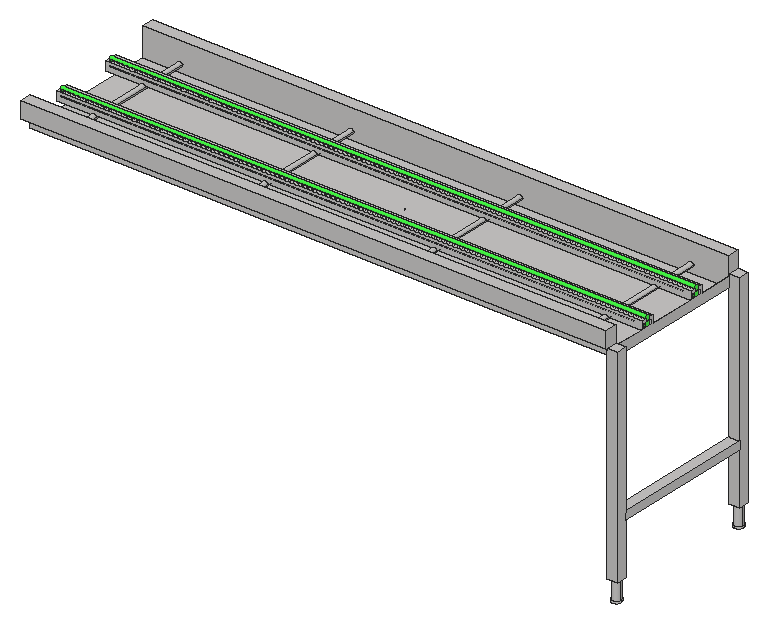
Revit family "QF_ELECTROLUXPROFESSIONAL_863160_HSBCC22", category Specialty Equipment, Revit 2018
Family settings
  Round Connector Dimension = Use Diameter
  Part Type = Normal
  Work Plane-Based = No
  Always vertical = Yes
  Cut with Voids When Loaded = No
  Shared = No
  Room Calculation Point = No
Parameters
  Weight = 0.00 kg
  Watts = 0 W
  Volts = 0 V
  URL Manufacturer = "http://professional.electrolux.com"
  URL = "http://professional.electrolux.com"
  Steam Supply Size = 0 mm
  Steam Supply Minimum Pressure = 0.0 Pa
  Steam Supply Maximum Pressure = 0.0 Pa
  Steam Pounds per Hour = 0
  Refrigeration Suction Line Size = 0 mm
  Refrigeration Liquid Line Size = 0 mm
  Refrigerant Compressor Remote = yes
  Manufacturer = "Electrolux"
  Phase = 0
  Model = "HSBCC22"
  Length Actual = 2200 mm  # constant formula
  Item Number = "863160"
  Hot Water Size = 0 mm
  Height Actual = 910 mm  # constant formula
  HP = "0 HP"
  Gas Size = 0 mm
  Gas KW = 0
  Gas Input Pressure = 0 W
  Description = "CORD CONVEYOR FOR BASKETS, L=2200 MM"
  Depth Actual = 620 mm  # constant formula
  Cycle = 0 Hz
  Condensate Return Size = 0 mm
  Compressed Air Volume = 0.0 L/s
  Compressed Air Size = 0 mm
  Compressed Air Pressure = 0.0 Pa
  Cold Water Size = 0 mm
  Accessory = yes
Reference planes
  plane 1 "Centro (Fronte/Retro)": y = 74.737
  plane 2: z = 0
  plane 3 "LEFT": x = -2638.761
  plane 4 "BACK": y = 384.737
  plane 5 "FRONT": y = -235.263
  plane 6: z = 910
  plane 7 "RIGHT": x = -438.761
  plane 8: x = -1538.761
Forms (mm)
  Extrusion 1, solid, material "QF_Finishes_Stainless Steel"
    sketch origin (11.239, 0, 0) x (0, 1, 0) y (0, 0, 1)
      loop
        line (-235.263, 910) -> (-235.263, 850.033) -> (-190.242, 850.033) -> (-190.242, 910) -> (-235.263, 910)
      loop
        line (384.737, 910) -> (339.716, 910) -> (339.716, 850.033) -> (384.737, 850.033) -> (384.737, 910)
    from -2650 to -451.2
  Extrusion 2, solid, material "QF_Finishes_Stainless Steel"
    sketch origin (11.239, 0, 0) x (0, 1, 0) y (0, 0, 1)
      loop
        line (-191.727, 850.033) -> (-191.727, 800.081) -> (341.245, 800.081) -> (341.245, 850.033) -> (339.716, 850.033) -> (339.716, 803.081) -> (-190.242, 803.081) -> (-190.242, 850.033) -> (-191.727, 850.033)
    from -2650 to -451.2
  Extrusion 3, solid, material "QF_Finishes_Stainless Steel"
    sketch origin (1061.239, 723.253, 4000) x (0, 1, 0) y (0, 0, 1)
      loop
        line (-958.516, -3090) -> (-958.516, -3149.967) -> (-934.752, -3185.632) -> (-915.4, -3185.632) -> (-915.4, -3199.919) -> (-381.633, -3199.919) -> (-381.633, -3185.632) -> (-362.281, -3185.632) -> (-338.516, -3149.967) -> (-338.516, -3090) -> (-383.538, -3090) -> (-383.538, -3161.926) -> (-913.495, -3161.926) -> (-913.495, -3090) -> (-958.516, -3090)
    from -1500 to -1501.2
  Extrusion 4, solid, material "QF_Finishes_Stainless Steel"
    sketch origin (-1477.522, 74.737, 0) x (-1, 0, 0) y (0, 0, -1)
      loop
        line (-1079.929, -300) -> (-1039.929, -300) -> (-1039.929, -270) -> (-1079.929, -270) -> (-1079.929, -300)
    from -266.504 to 266.46
  Revolve 5, solid, material "QF_Finishes_Stainless Steel"
    sketch origin (0, 74.737, 0) x (1, 0, 0) y (0, 0, 1)
      loop
        line (-1615.255, 800.081) -> (-1615.255, 786.333)
        arc (-1615.255, 786.333) -> (-1614.651, 784.73) -> (-1613.151, 783.903) r 2.474
        arc (-1613.151, 783.903) -> (-1609.843, 780.044) -> (-1613.138, 776.173) r 3.913
        arc (-1613.138, 776.173) -> (-1614.648, 775.341) -> (-1615.255, 773.728) r 2.49
        line (-1615.255, 773.728) -> (-1615.255, 733.404)
        arc (-1615.255, 733.404) -> (-1604.605, 702.706) -> (-1577.218, 685.219) r 49.516
        line (-1577.218, 685.219) -> (-1577.218, 682.73) -> (-1576.011, 681.079) -> (-1576.011, 679.492) -> (-1562.231, 673.492) -> (-1562.231, 638.761) -> (-1560.707, 637.3) -> (-1538.761, 637.3) -> (-1538.761, 800.081) -> (-1615.255, 800.081)
      axis (-1538.761, 800.081) -> (-1538.761, 637.3)
    angle from 0 to 360
  Extrusion 6, solid, material "QF_Finishes_Stainless Steel"
    sketch origin (0, 74.737, 0) x (1, 0, 0) y (0, 0, 1)
      loop
        circle (-2498.761, 831.05) r 8.5
    from -265 to 264.979
  Extrusion 7, solid, material "QF_Finishes_Stainless Steel"
    sketch origin (2140, 74.737, 0) x (1, 0, 0) y (0, 0, 1)
      loop
        circle (-2718.761, 831.05) r 8.5
    from -265 to 265
  Extrusion 8, solid, material "QF_Finishes_Stainless Steel"
    sketch origin (-438.761, 0, 0) x (0, 1, 0) y (0, 0, 1)
      loop
        line (-62.763, 869.045) -> (-62.763, 835.05) -> (-60.363, 835.05) -> (-60.363, 857.845) -> (-19.763, 857.845) -> (-19.763, 835.05) -> (-17.763, 835.05) -> (-17.763, 869.045) -> (-30.056, 869.045) -> (-35.275, 860.005) -> (-45.251, 860.005) -> (-50.47, 869.045) -> (-62.763, 869.045)
      loop
        line (212.237, 869.045) -> (199.944, 869.045) -> (194.725, 860.005) -> (184.749, 860.005) -> (179.53, 869.045) -> (167.237, 869.045) -> (167.237, 835.05) -> (169.237, 835.05) -> (169.237, 857.845) -> (209.837, 857.845) -> (209.837, 835.05) -> (212.237, 835.05) -> (212.237, 869.045)
    from 0 to -2200
  Extrusion 9, solid, material "QF_Finishes_Green"
    sketch origin (-438.761, 0, 0) x (0, 1, 0) y (0, 0, 1)
      loop
        circle (-40.263, 868.505) r 7.5
      loop
        circle (-40.263, 848.505) r 7.5
      loop
        circle (189.737, 868.505) r 7.5
      loop
        circle (189.737, 848.505) r 7.5
    from 0 to -2200
  Extrusion 10, solid, material "QF_Finishes_Stainless Steel"
    sketch origin (145, 74.737, 0) x (1, 0, 0) y (0, 0, 1)
      loop
        circle (-2000.928, 831.05) r 8.5
      loop
        circle (-1366.594, 831.05) r 8.5
    from -265 to 264.979
Cuts and joins
  joined: Extrusion 1, Extrusion 2, Extrusion 3, Extrusion 6, Extrusion 7, Extrusion 8, Extrusion 10
Lines and regions (mm)
  Split face 1
    outline origin (-1073.782, -239.063, 803.081) x (0, 1, 0) y (-1, 0, 0)
      loop
        circle (313.8, 464.979) r 3
  Split face 2
    outline origin (-1073.782, -239.063, 803.081) x (0, 1, 0) y (-1, 0, 0)
      loop
        circle (313.8, 464.979) r 9
  Split face 3
    outline origin (-1073.782, -239.063, 803.081) x (0, 1, 0) y (-1, 0, 0)
      loop
        circle (313.8, 464.979) r 26
  Split face 4
    outline origin (-1073.782, -239.063, 803.081) x (0, 1, 0) y (-1, 0, 0)
      loop
        circle (313.8, 464.979) r 36
  Split face 5
    outline origin (-1073.782, -239.063, 803.081) x (0, 1, 0) y (-1, 0, 0)
      loop
        circle (313.8, 464.979) r 53
  symbolic lines
    curve 1: line (-438.761, 384.737, 0) -> (-2638.761, 384.737, 0)
    curve 2: line (-2638.761, 384.737, 0) -> (-2638.761, -235.263, 0)
    curve 3: line (-2638.761, 339.716, 0) -> (-438.761, 339.716, 0)
    curve 4: line (-2638.761, -235.263, 0) -> (-438.761, -235.263, 0)
    curve 5: line (-438.761, -235.263, 0) -> (-438.761, 384.737, 0)
    curve 6: line (-438.761, -190.242, 0) -> (-2638.761, -190.242, 0)
    curve 7: line (-2638.761, 74.737, 0) -> (-2608.761, 74.737, 0)
    curve 8: line (-438.761, 74.737, 0) -> (-468.761, 74.737, 0)
    curve 9: circle (-1538.761, 74.737, 0) r 23.47 normal (0, 0, 1)
    curve 10: line (-438.761, 212.237, 0) -> (-2638.761, 212.237, 0)
    curve 11: line (-2638.761, 167.237, 0) -> (-438.761, 167.237, 0)
    curve 12: line (-438.761, -17.763, 0) -> (-2638.761, -17.763, 0)
    curve 13: line (-2638.761, -62.763, 0) -> (-438.761, -62.763, 0)
    curve 14: line (-2638.761, -47.763, 0) -> (-438.761, -47.763, 0)
    curve 15: line (-2638.761, -32.763, 0) -> (-438.761, -32.763, 0)
    curve 16: line (-2638.761, 197.237, 0) -> (-438.761, 197.237, 0)
    curve 17: line (-2638.761, 182.237, 0) -> (-438.761, 182.237, 0)
    curve 18: line (-2507.261, 339.716, 0) -> (-2507.261, 212.237, 0)
    curve 19: line (-2490.261, 339.716, 0) -> (-2490.261, 212.237, 0)
    curve 20: line (-2490.261, 167.237, 0) -> (-2490.261, -17.763, 0)
    curve 21: line (-2507.261, 167.237, 0) -> (-2507.261, -17.763, 0)
    curve 22: line (-2507.261, -62.763, 0) -> (-2507.261, -190.242, 0)
    curve 23: line (-2490.261, -62.763, 0) -> (-2490.261, -190.242, 0)
    curve 24: line (-587.261, 339.716, 0) -> (-587.261, 212.237, 0)
    curve 25: line (-570.261, 339.716, 0) -> (-570.261, 212.237, 0)
    curve 26: line (-570.261, 167.237, 0) -> (-570.261, -17.763, 0)
    curve 27: line (-587.261, 167.237, 0) -> (-587.261, -17.763, 0)
    curve 28: line (-587.261, -62.763, 0) -> (-587.261, -190.242, 0)
    curve 29: line (-570.261, -62.763, 0) -> (-570.261, -190.242, 0)
    curve 30: line (-1864.428, 339.716, 0) -> (-1864.428, 212.237, 0)
    curve 31: line (-1847.428, 339.716, 0) -> (-1847.428, 212.237, 0)
    curve 32: line (-1847.428, 167.237, 0) -> (-1847.428, -17.763, 0)
    curve 33: line (-1864.428, 167.237, 0) -> (-1864.428, -17.763, 0)
    curve 34: line (-1864.428, -62.763, 0) -> (-1864.428, -190.242, 0)
    curve 35: line (-1847.428, -62.763, 0) -> (-1847.428, -190.242, 0)
    curve 36: line (-1230.094, 339.716, 0) -> (-1230.094, 212.237, 0)
    curve 37: line (-1213.094, 339.716, 0) -> (-1213.094, 212.237, 0)
    curve 38: line (-1213.094, 167.237, 0) -> (-1213.094, -17.763, 0)
    curve 39: line (-1230.094, 167.237, 0) -> (-1230.094, -17.763, 0)
    curve 40: line (-1230.094, -62.763, 0) -> (-1230.094, -190.242, 0)
    curve 41: line (-1213.094, -62.763, 0) -> (-1213.094, -190.242, 0)
Dimensions and locks
  plane 3 "LEFT" to plane 7 "RIGHT" = 2200 mm
  equal spacing: plane 4 "BACK", plane 1 "Centro (Fronte/Retro)", plane 5 "FRONT"
  plane 4 "BACK" to plane 5 "FRONT" = 620 mm
  equal spacing: plane 3 "LEFT", plane 8, plane 7 "RIGHT"
  locked: Extrusion 6 sketch curve to plane 3 "LEFT" at 140
  locked: plane 7 "RIGHT" to Extrusion 7 sketch curve at 140
  aligned and locked: level to plane 2
  aligned and locked: curve 9 to Revolve 5
  aligned and locked: plane 8 to Split face 5  (x2)
  aligned and locked: plane 8 to Split face 4  (x2)
  aligned and locked: plane 8 to cut or joined group of Extrusion 1, Extrusion 2, Extrusion 3, Extrusion 6, Extrusion 7, Extrusion 8, Extrusion 10  (x4)
  aligned and locked: plane 8 to Split face 3  (x2)
  aligned and locked: plane 8 to Split face 2  (x2)
  aligned and locked: plane 8 to Split face 1  (x2)
  aligned and locked: Extrusion 2 to plane 3 "LEFT"
  aligned and locked: Extrusion 1 to plane 3 "LEFT"
  aligned and locked: Extrusion 8 to plane 3 "LEFT"
  aligned and locked: cut or joined group of Extrusion 1, Extrusion 2, Extrusion 3, Extrusion 6, Extrusion 7, Extrusion 8, Extrusion 10 to plane 3 "LEFT"  (x2)
  aligned and locked: plane 3 "LEFT" to curve 6
  aligned and locked: plane 3 "LEFT" to curve 4
  aligned and locked: Extrusion 9 to plane 3 "LEFT"
Automatic sketch dimensions
  Extrusion 1 sketch curve to plane 5 "FRONT" = 0 mm
  Extrusion 1 sketch curve to plane 6 = 0 mm  (x2)
  Extrusion 1 sketch curve to plane 4 "BACK" = 0 mm
  plane 5 "FRONT" to Extrusion 1 sketch curve = 45.021 mm
  Extrusion 1 sketch curve to plane 4 "BACK" = 45.021 mm
  Extrusion 1 sketch curve to Extrusion 1 sketch curve = 59.967 mm  (x2)
  plane 5 "FRONT" to Extrusion 2 sketch curve = 43.536 mm
  Extrusion 2 sketch curve to Extrusion 2 sketch curve = 1.486 mm
  Extrusion 2 sketch curve to plane 4 "BACK" = 45.021 mm
  Extrusion 2 sketch curve to Extrusion 2 sketch curve = 1.529 mm
  Extrusion 2 sketch curve to plane 6 = 109.919 mm
  Extrusion 2 sketch curve to Extrusion 2 sketch curve = 3 mm
  Extrusion 2 sketch curve to Extrusion 2 sketch curve = 46.952 mm  (x2)
  Extrusion 3 sketch curve to plane 5 "FRONT" = 0 mm
  Extrusion 3 sketch curve to plane 6 = 0 mm  (x2)
  Extrusion 3 sketch curve to plane 4 "BACK" = 0 mm
  plane 5 "FRONT" to Extrusion 3 sketch curve = 23.764 mm
  Extrusion 3 sketch curve to Extrusion 3 sketch curve = 19.352 mm  (x2)
  plane 5 "FRONT" to Extrusion 3 sketch curve = 45.021 mm
  Extrusion 3 sketch curve to plane 4 "BACK" = 45.021 mm
  Extrusion 3 sketch curve to Extrusion 3 sketch curve = 1.905 mm
  Extrusion 3 sketch curve to Extrusion 3 sketch curve = 59.967 mm  (x2)
  Extrusion 3 sketch curve to Extrusion 3 sketch curve = 11.959 mm
  Extrusion 3 sketch curve to Extrusion 3 sketch curve = 23.706 mm  (x2)
  Extrusion 3 sketch curve to Extrusion 3 sketch curve = 14.287 mm
  Extrusion 4 sketch curve to plane 7 "RIGHT" = 41.168 mm
  Extrusion 4 sketch curve to plane 7 "RIGHT" = 1.168 mm
  Extrusion 4 sketch curve to level = 270 mm
  Extrusion 4 sketch curve to Extrusion 4 sketch curve = 30 mm
  Extrusion 6 sketch curve to plane 6 = 78.95 mm
  Extrusion 7 sketch curve to plane 6 = 78.95 mm
  plane 1 "Centro (Fronte/Retro)" to Extrusion 8 sketch curve = 137.5 mm
  Extrusion 8 sketch curve to Extrusion 8 sketch curve = 2.4 mm  (x2)
  Extrusion 8 sketch curve to plane 6 = 40.955 mm  (x3)
  Extrusion 8 sketch curve to Extrusion 8 sketch curve = 12.293 mm  (x2)
  Extrusion 8 sketch curve to Extrusion 8 sketch curve = 5.219 mm  (x4)
  Extrusion 8 sketch curve to Extrusion 8 sketch curve = 9.976 mm  (x2)
  Extrusion 8 sketch curve to Extrusion 8 sketch curve = 10.293 mm
  Extrusion 8 sketch curve to Extrusion 8 sketch curve = 2 mm  (x2)
  Extrusion 8 sketch curve to plane 1 "Centro (Fronte/Retro)" = 92.5 mm
  Extrusion 8 sketch curve to plane 6 = 49.995 mm
  Extrusion 8 sketch curve to Extrusion 8 sketch curve = 9.893 mm
  Extrusion 8 sketch curve to Extrusion 8 sketch curve = 11.2 mm
  Extrusion 8 sketch curve to Extrusion 8 sketch curve = 2.16 mm
  Extrusion 8 sketch curve to Extrusion 8 sketch curve = 22.795 mm  (x4)
  Extrusion 8 sketch curve to Extrusion 8 sketch curve = 9.04 mm  (x2)
  plane 1 "Centro (Fronte/Retro)" to Extrusion 9 sketch curve = 115 mm
  Extrusion 9 sketch curve to Extrusion 9 sketch curve = 0 mm  (x2)
  Extrusion 9 sketch curve to plane 1 "Centro (Fronte/Retro)" = 115 mm
  Extrusion 9 sketch curve to plane 6 = 61.495 mm  (x2)
  Extrusion 9 sketch curve to Extrusion 9 sketch curve = 20 mm  (x2)
  plane 1 "Centro (Fronte/Retro)" to curve 7 = 0 mm
  plane 1 "Centro (Fronte/Retro)" to curve 8 = 0 mm
  curve 15 to plane 7 "RIGHT" = 0 mm
  curve 4 to plane 5 "FRONT" = 0 mm
  curve 2 to plane 4 "BACK" = 0 mm
  plane 3 "LEFT" to curve 7 = 30 mm
  curve 18 to plane 4 "BACK" = 45.021 mm
  plane 3 "LEFT" to curve 18 = 131.5 mm
  plane 5 "FRONT" to curve 22 = 45.021 mm
  plane 3 "LEFT" to curve 22 = 131.5 mm
  curve 21 to curve 18 = 0 mm
  curve 18 to curve 19 = 17 mm
  curve 21 to curve 20 = 17 mm
  curve 22 to curve 23 = 17 mm
  curve 33 to plane 1 "Centro (Fronte/Retro)" = 92.5 mm
  curve 33 to plane 8 = 325.667 mm
  curve 34 to curve 33 = 0 mm
  curve 30 to curve 33 = 0 mm
  curve 34 to curve 35 = 17 mm
  curve 30 to curve 31 = 17 mm
  curve 33 to curve 32 = 17 mm
  curve 36 to plane 1 "Centro (Fronte/Retro)" = 137.5 mm
  plane 8 to curve 36 = 308.667 mm
  plane 8 to curve 40 = 308.667 mm
  curve 39 to curve 40 = 0 mm
  curve 36 to curve 37 = 17 mm
  curve 39 to curve 38 = 17 mm
  curve 40 to curve 41 = 17 mm
  curve 28 to plane 7 "RIGHT" = 148.5 mm
  curve 24 to plane 7 "RIGHT" = 148.5 mm
  curve 27 to curve 28 = 0 mm
  curve 27 to curve 26 = 17 mm
  curve 24 to curve 25 = 17 mm
  curve 28 to curve 29 = 17 mm
  curve 8 to plane 7 "RIGHT" = 30 mm
  curve 35 to curve 35 = 127.479 mm
  curve 13 to curve 14 = 15 mm
  curve 14 to curve 15 = 15 mm
  curve 15 to curve 12 = 15 mm
  curve 11 to curve 17 = 15 mm
  curve 16 to curve 10 = 15 mm
  Revolve 5 sketch curve to plane 8 = 0 mm  (x2)
  Revolve 5 sketch curve to Revolve 5 sketch curve = 21.946 mm
  Revolve 5 sketch curve to Revolve 5 sketch curve = 1.524 mm
  Revolve 5 sketch curve to plane 8 = 26.978 mm
  Revolve 5 sketch curve to Revolve 5 sketch curve = 13.78 mm
  Revolve 5 sketch curve to Revolve 5 sketch curve = 1.206 mm
  Revolve 5 sketch curve to Revolve 5 sketch curve = 47.026 mm
  Revolve 5 sketch curve to Revolve 5 sketch curve = 0.016 mm  (x3)
  Revolve 5 sketch curve to Revolve 5 sketch curve = 0.976 mm
  Revolve 5 sketch curve to Revolve 5 sketch curve = 2.474 mm
  Revolve 5 sketch curve to Revolve 5 sketch curve = 2.49 mm
  Revolve 5 sketch curve to Revolve 5 sketch curve = 0 mm
  Revolve 5 sketch curve to plane 6 = 272.7 mm
  Revolve 5 sketch curve to Revolve 5 sketch curve = 1.461 mm
  Revolve 5 sketch curve to Revolve 5 sketch curve = 34.731 mm
  Revolve 5 sketch curve to Revolve 5 sketch curve = 6 mm
  Revolve 5 sketch curve to Revolve 5 sketch curve = 1.588 mm
  Revolve 5 sketch curve to Revolve 5 sketch curve = 1.651 mm
  Revolve 5 sketch curve to Revolve 5 sketch curve = 2.488 mm
  Revolve 5 sketch curve to Revolve 5 sketch curve = 48.167 mm
  Revolve 5 sketch curve to Revolve 5 sketch curve = 40.307 mm
  Revolve 5 sketch curve to Revolve 5 sketch curve = 6.326 mm
  Revolve 5 sketch curve to Revolve 5 sketch curve = 6.296 mm
  Revolve 5 sketch curve to Revolve 5 sketch curve = 13.748 mm
  Revolve 5 sketch curve to Revolve 5 sketch curve = 0.373 mm
  Revolve 5 sketch curve to Revolve 5 sketch curve = 38.557 mm
  plane 6 to Revolve 5 sketch curve = 8.743 mm
  cut or joined group of Extrusion 1, Extrusion 2, Extrusion 3, Extrusion 6, Extrusion 7, Extrusion 8, Extrusion 10 to Split face 1 sketch curve = 264.979 mm
  cut or joined group of Extrusion 1, Extrusion 2, Extrusion 3, Extrusion 6, Extrusion 7, Extrusion 8, Extrusion 10 to Split face 1 sketch curve = 1098.8 mm
  cut or joined group of Extrusion 1, Extrusion 2, Extrusion 3, Extrusion 6, Extrusion 7, Extrusion 8, Extrusion 10 to Split face 2 sketch curve = 264.979 mm
  cut or joined group of Extrusion 1, Extrusion 2, Extrusion 3, Extrusion 6, Extrusion 7, Extrusion 8, Extrusion 10 to Split face 2 sketch curve = 1098.8 mm
  cut or joined group of Extrusion 1, Extrusion 2, Extrusion 3, Extrusion 6, Extrusion 7, Extrusion 8, Extrusion 10 to Split face 3 sketch curve = 264.979 mm
  cut or joined group of Extrusion 1, Extrusion 2, Extrusion 3, Extrusion 6, Extrusion 7, Extrusion 8, Extrusion 10 to Split face 3 sketch curve = 1098.8 mm
  cut or joined group of Extrusion 1, Extrusion 2, Extrusion 3, Extrusion 6, Extrusion 7, Extrusion 8, Extrusion 10 to Split face 4 sketch curve = 264.979 mm
  cut or joined group of Extrusion 1, Extrusion 2, Extrusion 3, Extrusion 6, Extrusion 7, Extrusion 8, Extrusion 10 to Split face 4 sketch curve = 1098.8 mm
  cut or joined group of Extrusion 1, Extrusion 2, Extrusion 3, Extrusion 6, Extrusion 7, Extrusion 8, Extrusion 10 to Split face 5 sketch curve = 264.979 mm
  cut or joined group of Extrusion 1, Extrusion 2, Extrusion 3, Extrusion 6, Extrusion 7, Extrusion 8, Extrusion 10 to Split face 5 sketch curve = 1098.8 mm
  Extrusion 10 sketch curve to plane 6 = 78.95 mm  (x2)
  Extrusion 10 sketch curve to plane 8 = 317.167 mm
  plane 8 to Extrusion 10 sketch curve = 317.167 mm
  radius of Extrusion 6 sketch curve = 8.5 mm
  radius of Extrusion 7 sketch curve = 8.5 mm
  radius of Extrusion 9 sketch curve = 7.5 mm  (x4)
  radius of Split face 1 sketch curve = 3 mm
  radius of Split face 2 sketch curve = 9 mm
  radius of Split face 3 sketch curve = 26 mm
  radius of Split face 4 sketch curve = 36 mm
  radius of Split face 5 sketch curve = 53 mm
  radius of Extrusion 10 sketch curve = 8.5 mm  (x2)
Nested families
  nested 1: "Foot_40x40" at (-417.593, 361.245, 0) x (-1, 0, 0) z (0, 0, 1), type "Foot_40x40"
    with A 850.033 mm
  nested 2: "Foot_40x40" at (-417.593, -211.771, 0) x (-1, 0, 0) z (0, 0, 1), type "Foot_40x40"
    with A 850.033 mm
Connectors
  piping at (-1538.761, 74.737, 637.3), diameter 40
    settings: on Revolve 5, index 1, connector inside diameter 609.6 mm, connector length 0 mm, flow factor 0, pipe flow 0.0 L/s, pressure drop 0.0 Pa, fitting loss kfactor 0, connector angle 0.00°, fixture units 0, engagement length 0 mm, angle of deflection 0.00°, flow configuration 1, flow direction 2, fitting loss method 0, system type 16, joint type 0, gender type 0, connector reference index -1, connector utility 0, adjustable connector no, is connector primary yes, connector description "Drain"
Definition of nested family "Foot_40x40"
  Parameters
    A [instance] = 850 mm
  Reference planes
    plane 1 "Centro (Fronte/Retro)": y = 0
    plane 2: z = 0
    plane 3 "Centro (Sinistra/Destra)": x = 0
    plane 4: z = 850
  Forms (mm)
    Extrusion 1, solid
      sketch origin (0, 0, 0) x (1, 0, 0) y (0, 1, 0)
        loop
          circle (0, 0) r 18
      from 0 to 5
    Extrusion 2, solid
      sketch origin (0, 0, 5) x (1, 0, 0) y (0, 1, 0)
        loop
          circle (0, 0) r 15
      from 0 to 70
    Extrusion 3, solid
      sketch origin (0, 0, 75) x (1, 0, 0) y (0, 1, 0)
        loop
          line (-20, 20) -> (-20, -20) -> (20, -20) -> (20, 20) -> (-20, 20)
      from 0 to 775
  Dimensions and locks
    "A": plane 4 to plane 2
    aligned and locked: level to plane 2
    aligned and locked: plane 4 to Extrusion 3
    aligned and locked: Extrusion 1 to level
  Automatic sketch dimensions
    plane 1 "Centro (Fronte/Retro)" to Extrusion 1 sketch curve = 0 mm
    Extrusion 1 sketch curve to plane 3 "Centro (Sinistra/Destra)" = 0 mm
    Extrusion 3 sketch curve to Extrusion 3 sketch curve = 40 mm  (x2)
    radius of Extrusion 1 sketch curve = 18 mm
    radius of Extrusion 2 sketch curve to Extrusion 1 = 3 mm
